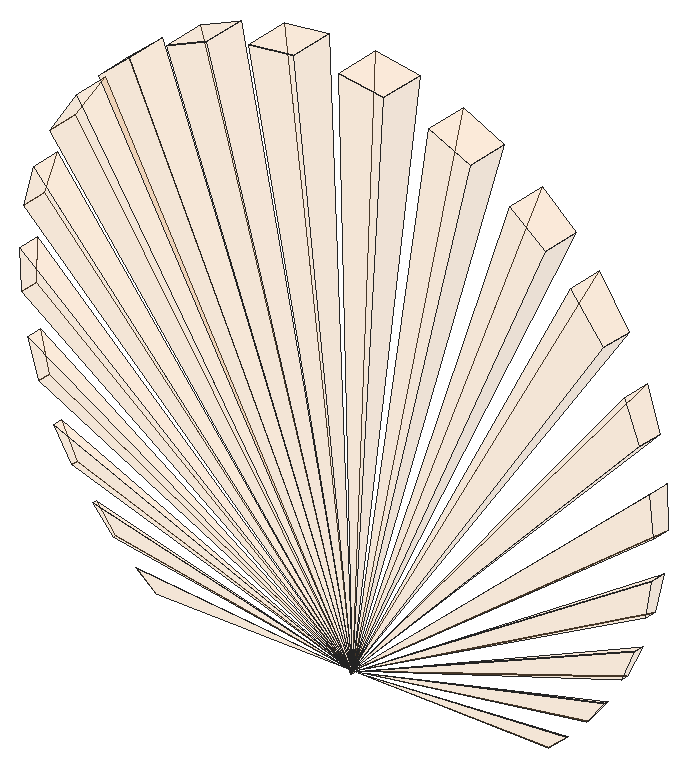
Revit family "Wall_Sensor-PIR-HCS-Switch", category Lighting Devices, host Face, Revit 2014
Parameters (values of type "LHIRS1")
  zz YesNo 2 = yes
  zz YesNo 1 = no
  zz Length 4 = 2.57"
  zz Length 3 = 1.70"
  zz Length 2 = 4.13"
  zz Length 1 = 1.72"
  Weight = 0.082 kg  # constant formula
  Wattage = 800 VA
  Warranty = "Five-year limited"  # constant formula
  Voltage = 120 V
  URL = "https://www.hubbell.com/hubbellcontrolsolutions/en/"
  Type Comments = "Lighting Device"  # constant formula
  Time Delay = "4-30 minutes, self-adapts based on occupancy; Fixed mode: 4, 8, 15, and 30 minutes;Test mode: 5 seconds"  # constant formula
  Product Page URL = "https://www.hubbell.com/hubbellcontrolsolutions/en/Products/Lighting-Controls/Lighting-Controls-Sensors/Wallbox-Switches/LightHAWK2-Passive-Infrared/p/220898"
  Product Material = Plastic - Hubbell - Light Almond
  Product Documentation Link = "https://hubbellcdn.com/specsheet/1118A_LightHAWK2_PIR.pdf"
  Power Factor = 1
  Photocell = "Natural light override range: 10-500 foot-candles"  # constant formula
  Passive Infrared = "Dual-element pyrometer and 12-element cylindrical RhinoTuff lens"  # constant formula
  PIR Motion [instance] = yes
  Operating Temperature = "32° – 104°F (0° – 40°C)\r"  # constant formula
  Operating Mode = "Single Relay, One Button"
  Number of Poles = 1
  Mounting = "Single-gang NEMA-style switch box, Decorator-style wall plate sold separately"  # constant formula
  Model = "LHIRS1"
  Manufacturer = "Hubbell Control Solutions"  # constant formula
  Load Classification = Lighting
  Frequency = 60 Hz
  Electrical Ratings = "120VAC; 277VAC; 347VAC"  # constant formula
  Description = "LightHAWK®2 Passive Infrared Wall Switch Sensor"  # constant formula
  Default Elevation = 48.00"
  Create Date = "04/03/2018"  # constant formula
  Coverage = "1,000 square-foot, 180° coverage area"  # constant formula
  Copyright = "Copyright © Hubbell Control Solutions"  # constant formula
  Contact Us = "https://www.hubbell.com/hubbellcontrolsolutions/en/contactUs?productId=220945"
  Connector Description 2 = "Controls"  # constant formula
  Connector Description 1 = "Power Supply"  # constant formula
  Certifications = "Listed UL and cUL"  # constant formula
  Assembly Code = "D5020120"
  Ambient Humidity Range = "0% to 95% Relative Humidity (non-condensing)"  # constant formula
Types (6): name | zz YesNo 2 | zz YesNo 1 | Operating Mode | Model
  LHIRS0 | no | no | "Single Relay, No Buttons" | "LHIRS0"
  LHIRS1 | yes | no | "Single Relay, One Button" | "LHIRS1"
  LHIRD0 | no | no | "Dual Relay(One Input / Two Outputs), No Buttons" | "LHIRD0"
  LHIRD2 | yes | yes | "Dual Relay(One Input / Two Outputs), Two Buttons" | "LHIRD2"
  LHDCIRD0 | no | no | "Dual Circuit(Two Inputs / Two Outputs), No Buttons" | "LHDCIRD0"
  LHDCIRD2 | yes | yes | "Dual Circuit(Two Inputs / Two Outputs), Two Buttons" | "LHDCIRD2"
Reference planes (in)
  plane 1 "Center (Front/Back)": y = 0
  plane 2: z = 0
  plane 3 "Center (Left/Right)": x = 0
  plane 4: x = -0.86
  plane 5: x = 0.86
  plane 6: y = 1.285
  plane 7: y = -1.285
  plane 8: x = 0.40844
  plane 9: x = -0.40844
  plane 10: y = 1.13865
  plane 11: y = 0.26347
  plane 12: y = -1.35
  plane 13: y = 1.35
  plane 14: z = 0.04
  plane 15: z = 0.57
  plane 16: x = 0.57326
  plane 17: x = -0.57326
  plane 18: y = -0.81751
  plane 19: y = -0.87944
  plane 20: z = -1.13
  plane 21: y = -0.45397
  plane 22: y = -0.246
  plane 23: y = -0.16212
  plane 24: y = 0.04585
  plane 25: x = 1.25
  plane 26: x = -1.25
  plane 27: y = 2
  plane 28: y = -2
  plane 29: z = 0.28666
  plane 30: x = -0.06
  plane 31: x = 0.06
Forms (in)
  Blend 1, solid, material "Plastic - Hubbell - Light Almond" <- "Product Material"
    base sketch origin (0, 0, 0) x (1, 0, 0) y (0, 1, 0)
      loop
        line (-0.86, 1.35) -> (-0.86, -1.35) -> (0.86, -1.35) -> (0.86, 1.35) -> (-0.86, 1.35)
    top sketch origin (0, 0, 0) x (1, 0, 0) y (0, 1, 0)
      loop
        line (-0.65844, 1.285) -> (-0.65844, -1.285) -> (0.65844, -1.285) -> (0.65844, 1.285) -> (-0.65844, 1.285)
    from 0 to 0.57
  Extrusion 2, void
    sketch origin (0, 0, 0) x (1, 0, 0) y (0, 1, 0)
      loop
        line (-0.06, -0.81751) -> (-0.06, -0.87944) -> (0.06, -0.87944) -> (0.06, -0.81751) -> (-0.06, -0.81751)
    from 0.04 to 0.57
  Extrusion 3, solid, material "Plastic - Hubbell - Light Almond" <- "Product Material"
    sketch origin (0, 0, 0) x (1, 0, 0) y (0, 0, 1)
      loop
        line (-0.86, 0) -> (-0.86, -1.13) -> (0.86, -1.13) -> (0.86, 0) -> (-0.86, 0)
    from -1.35 to 1.35
  Blend 4, solid, material "Plastic - Hubbell - Light Almond" <- "Product Material"
    base sketch origin (0, 0, 0) x (1, 0, 0) y (0, 1, 0)
      loop
        line (-0.75844, 1.31875) -> (-0.75844, -1.31875) -> (0.75844, -1.31875) -> (0.75844, 1.31875) -> (-0.75844, 1.31875)
    top sketch origin (0, 0, 0) x (1, 0, 0) y (0, 1, 0)
      loop
        line (-1.25, 2) -> (-1.25, -2) -> (1.25, -2) -> (1.25, 2) -> (-1.25, 2)
    from 0.28666 to 0
Cuts and joins
  Extrusion 2 cuts Blend 1
Lines and regions (in)
  model lines, style "Model"
    curve 1: line (-0.40844, 1.13865, 0.57) -> (0.40844, 1.13865, 0.57)
    curve 2: line (0.40844, 0.26347, 0.57) -> (-0.40844, 0.26347, 0.57)
    curve 3: line (0.40844, 1.13865, 0.57) -> (0.40844, 0.26347, 0.57)
    curve 65: line (-0.40844, 1.13865, 0.57) -> (-0.40844, 0.26347, 0.57)
  model lines, style "Model", visible <- "zz YesNo 1"
    curve 4: line (-0.40844, 0.04585, 0.57) -> (0.40844, 0.04585, 0.57)
    curve 5: line (0.40844, -0.16212, 0.57) -> (-0.40844, -0.16212, 0.57)
    curve 6: line (0.40844, 0.04585, 0.57) -> (0.40844, -0.16212, 0.57)
    curve 66: line (-0.40844, -0.16212, 0.57) -> (-0.40844, 0.04585, 0.57)
  symbolic lines, style "Symbolic Lines"
    curve 7: line (0.86, 1.35, 0) -> (0.40844, 1.35, 0)
    curve 8: line (0.86, -1.35, 0) -> (0.86, 1.35, 0)
    curve 9: line (-0.86, 1.35, 0) -> (-0.86, -1.35, 0)
    curve 10: line (-0.40844, 1.35, 0) -> (-0.86, 1.35, 0)
    curve 11: line (0.40844, -1.35, 0) -> (0.86, -1.35, 0)
    curve 12: line (-0.40844, -1.35, 0) -> (-0.86, -1.35, 0)
    curve 13: line (0.86, 0, -1.13) -> (0.86, 0, 0)
    curve 14: line (-0.86, 0, 0) -> (-0.86, 0, -1.13)
    curve 15: line (-0.86, 0, -1.13) -> (0.86, 0, -1.13)
    curve 16: line (0.40844, 0, 0.57) -> (-0.40844, 0, 0.57)
    curve 17: arc (0.40844, 0, 0.57) -> (0.59136, 0, 0.52027) -> (0.72393, 0, 0.38478) r 0.36131
    curve 18: line (-0.72393, 0, 0.38478) -> (-0.86, 0, 0)
    curve 19: line (0.72393, 0, 0.38478) -> (0.86, 0, 0)
    curve 20: line (0, -1.35, -1.13) -> (0, 1.35, -1.13)
    curve 21: line (0, -1.35, 0) -> (0, -1.35, -1.13)
    curve 22: line (0, 1.35, -1.13) -> (0, 1.35, 0)
    curve 23: line (0, 1.35, 0) -> (0, 1.74291, 0)
    curve 24: line (0, 1.74291, 0) -> (0, 2.07051, 0)
    curve 25: line (0, -1.61273, 0) -> (0, -1.35, 0)
    curve 26: line (0, -1.94034, 0) -> (0, -1.61273, 0)
    curve 27: line (0, 2.07051, 0) -> (0, 1.74291, 0)
    curve 28: line (0, 1.74291, 0) -> (0, 1.35, 0)
    curve 29: line (0, -1.35, 0) -> (0, -1.61273, 0)
    curve 30: line (0, -1.61273, 0) -> (0, -1.94034, 0)
    curve 31: line (0, -0.58465, 0.57) -> (0, -0.58465, 0.53036)
    curve 32: line (0, -0.58465, 0.53036) -> (0, -0.6664, 0.53036)
    curve 33: line (0, -0.6664, 0.53036) -> (0, -0.6664, 0.57)
    curve 34: line (0, -0.71099, 0.57) -> (0, -0.71099, 0.53036)
    curve 35: line (0, -0.71099, 0.53036) -> (0, -0.77292, 0.53036)
    curve 36: line (0, -0.77292, 0.53036) -> (0, -0.77292, 0.57)
    curve 37: line (0, -0.81751, 0.53036) -> (0, -0.87944, 0.53036)
    curve 38: line (0, -0.87944, 0.53036) -> (0, -0.87944, 0.57)
    curve 39: line (0, -0.91659, 0.57) -> (0, -0.91659, 0.53036)
    curve 40: line (0, -1.01816, 0.53036) -> (0, -1.08504, 0.53036)
    curve 41: line (0, -1.01816, 0.57) -> (0, -1.01816, 0.53036)
    curve 42: line (0, -1.08504, 0.53036) -> (0, -1.08504, 0.57)
    curve 43: line (0, -0.58465, 0.57) -> (0, 1.285, 0.57)
    curve 44: line (0, -1.285, 0.57) -> (0, -1.08504, 0.57)
    curve 45: line (0, -1.01816, 0.57) -> (0, -0.981, 0.57)
    curve 46: line (0, -0.91659, 0.57) -> (0, -0.87944, 0.57)
    curve 47: line (0, -0.81751, 0.57) -> (0, -0.77292, 0.57)
    curve 48: line (0, -0.71099, 0.57) -> (0, -0.6664, 0.57)
    curve 49: line (0, 1.285, 0.57) -> (0, 1.35, 0)
    curve 50: line (0, -1.285, 0.57) -> (0, -1.35, 0)
    curve 54: line (-0.86, 1.35, 0) -> (0.86, 1.35, 0)
    curve 55: line (-0.86, -1.35, 0) -> (-0.86, 1.35, 0)
    curve 56: line (0.86, -1.35, 0) -> (-0.86, -1.35, 0)
    curve 57: line (0.86, 1.35, 0) -> (0.86, -1.35, 0)
    curve 64: arc (-0.40844, 0, 0.57) -> (-0.59136, 0, 0.52027) -> (-0.72393, 0, 0.38478) r 0.36131
    curve 71: line (-1.25, 2, 0) -> (1.25, 2, 0)
    curve 72: line (-1.25, -2, 0) -> (-1.25, 2, 0)
    curve 73: line (1.25, -2, 0) -> (-1.25, -2, 0)
    curve 74: line (1.25, 2, 0) -> (1.25, -2, 0)
  model lines, style "Model", visible <- "zz YesNo 2"
    curve 51: line (-0.40844, -0.246, 0.57) -> (0.40844, -0.246, 0.57)
    curve 52: line (0.40844, -0.45397, 0.57) -> (-0.40844, -0.45397, 0.57)
    curve 53: line (0.40844, -0.246, 0.57) -> (0.40844, -0.45397, 0.57)
    curve 67: line (-0.40844, -0.246, 0.57) -> (-0.40844, -0.45397, 0.57)
  reference lines
    curve 58: line (-0.73803, 0, 0.57) -> (-0.73803, 0, 0.36887)
    curve 59: line (-0.73803, 0, 0.57) -> (-0.40844, 0, 0.57)
    curve 60: arc (-0.73803, 0, 0.36887) -> (-0.60149, 0, 0.51575) -> (-0.40844, 0, 0.57) r 0.37062
    curve 61: line (0.73803, 0, 0.57) -> (0.73803, 0, 0.36887)
    curve 62: line (0.73803, 0, 0.57) -> (0.40844, 0, 0.57)
    curve 63: arc (0.73803, 0, 0.36887) -> (0.60149, 0, 0.51575) -> (0.40844, 0, 0.57) r 0.37062
  symbolic lines
    curve 68: line (0, -0.91659, 0.53036) -> (0, -0.981, 0.53036)
    curve 69: line (0, -0.981, 0.53036) -> (0, -0.981, 0.57)
    curve 70: line (0, -0.81751, 0.53036) -> (0, -0.81751, 0.57)
    curve 79: line (1.25, 0, 0) -> (-1.25, 0, 0)
    curve 80: line (-1.25, 0, 0) -> (-0.75868, 0, 0.28651)
    curve 81: line (1.25, 0, 0) -> (0.75868, 0, 0.28651)
  symbolic lines, style "Symbolic Lines", detail levels fine
    curve 75: line (-0.86, 1.35, 0) -> (-1.25, 2, 0)
    curve 76: line (0.86, 1.35, 0) -> (1.25, 2, 0)
    curve 77: line (-0.86, -1.35, 0) -> (-1.25, -2, 0)
    curve 78: line (0.86, -1.35, 0) -> (1.25, -2, 0)
Dimensions and locks (in)
  "zz Length 1": plane 4 to plane 5
  equal spacing: plane 6, plane 1 "Center (Front/Back)", plane 7
  "zz Length 4": plane 6 to plane 7
  locked: plane 14 to level at 0.04
  locked: plane 15 to plane 14 at 0.53
  "zz Length 3": plane 15 to plane 20
  equal spacing: plane 4, plane 3 "Center (Left/Right)", plane 5
  plane 17 to plane 9 to plane 3 "Center (Left/Right)" to plane 8 to plane 16 = 0.16482" locked, 0.40844" locked, 0.40844" locked, 0.16482" locked
  locked: plane 18 to plane 19 at 0.06193
  plane 1 "Center (Front/Back)" to plane 11 to plane 10 to plane 6 to plane 13 = 0.26347", 0.87519", 0.14635", 0.065"
  plane 24 to plane 23 to plane 22 to plane 21 = 0.20797" locked, 0.08388" locked, 0.20797" locked
  plane 13 to plane 1 "Center (Front/Back)" to plane 12 = 1.35" locked, 1.35" locked
  equal spacing: plane 26, plane 3 "Center (Left/Right)", plane 25, locked at 1.25 each
  equal spacing: plane 27, plane 1 "Center (Front/Back)", plane 28, locked at 2 each
  locked: plane 29 to plane 2 at 0.28666
  locked: plane 30 to plane 31 at 0.12
  aligned and locked: plane 2 to host face
  aligned and locked: level to host face
  aligned and locked: Blend 1 sketch curve to plane 6
  aligned and locked: Blend 1 sketch curve to plane 7
  aligned and locked: plane 15 to Blend 1
  aligned and locked: curve 1 to plane 10
  aligned and locked: plane 11 to curve 2
  aligned and locked: plane 8 to curve 6
  aligned and locked: Extrusion 2 sketch curve to plane 18
  aligned and locked: plane 19 to Extrusion 2 sketch curve
  aligned and locked: plane 8 to curve 3
  aligned and locked: plane 20 to Extrusion 3 sketch curve
  aligned and locked: plane 5 to Extrusion 3 sketch curve
  aligned and locked: plane 13 to Extrusion 3
  aligned and locked: plane 12 to Extrusion 3
  aligned and locked: nested 1 to plane 1 "Center (Front/Back)"
  aligned and locked: plane 3 "Center (Left/Right)" to nested 1
  aligned and locked: plane 5 to Blend 1 sketch curve
  aligned and locked: Blend 1 sketch curve to plane 12
  aligned and locked: plane 4 to Blend 1 sketch curve
  aligned and locked: Blend 1 sketch curve to plane 13
  aligned and locked: Extrusion 3 to plane 4
  aligned and locked: Extrusion 3 to plane 20
  aligned and locked: Extrusion 3 to plane 5
  aligned and locked: host face to Extrusion 3
  aligned and locked: plane 12 to curve 11
  aligned and locked: curve 12 to plane 12
  aligned and locked: cut or joined group of Blend 1, Extrusion 2 to curve 18
  aligned and locked: curve 19 to cut or joined group of Blend 1, Extrusion 2
  aligned and locked: plane 15 to curve 43
  aligned and locked: curve 44 to cut or joined group of Blend 1, Extrusion 2
  aligned and locked: curve 46 to plane 15
  aligned and locked: curve 47 to plane 15
  aligned and locked: curve 48 to plane 15
  aligned and locked: plane 15 to curve 45
  aligned and locked: curve 49 to cut or joined group of Blend 1, Extrusion 2
  aligned and locked: cut or joined group of Blend 1, Extrusion 2 to curve 50
  aligned and locked: Blend 1 to level
  aligned and locked: plane 21 to curve 52
  aligned and locked: plane 22 to curve 51
  aligned and locked: plane 23 to curve 5
  aligned and locked: plane 24 to curve 4
  aligned and locked: plane 5 to curve 57
  aligned and locked: curve 54 to plane 13
  aligned and locked: curve 56 to plane 12
  aligned and locked: plane 4 to curve 55
  aligned and locked: curve 65 to plane 9
  aligned and locked: plane 9 to curve 66
  aligned and locked: curve 67 to plane 9
  aligned and locked: plane 8 to curve 53
  aligned and locked: curve 13 to plane 5
  aligned and locked: curve 70 to plane 18
  aligned and locked: curve 38 to plane 19
  aligned and locked: curve 22 to plane 13
  aligned and locked: plane 20 to curve 20
  aligned and locked: curve 21 to plane 12
  aligned and locked: plane 29 to Blend 4
  aligned and locked: Blend 4 to plane 2
  aligned and locked: plane 26 to Blend 4 sketch curve
  aligned and locked: Blend 4 sketch curve to plane 27
  aligned and locked: plane 25 to Blend 4 sketch curve
  aligned and locked: Blend 4 sketch curve to plane 28
  aligned and locked: curve 71 to Blend 4
  aligned and locked: curve 72 to Blend 4
  aligned and locked: curve 73 to Blend 4
  aligned and locked: curve 74 to Blend 4
  aligned and locked: cut or joined group of Blend 1, Extrusion 2 to plane 30
  aligned and locked: cut or joined group of Blend 1, Extrusion 2 to plane 31
Automatic sketch dimensions
  host sketch curve to host sketch curve = 96.00"  (x2)
  Extrusion 3 sketch curve to plane 4 = 0.00"
  Extrusion 3 sketch curve to level = 0.00"
  curve 59 to plane 15 = 0.00"
  curve 60 to plane 9 = 0.00"
  curve 59 to plane 9 = 0.00"
  plane 8 to curve 63 = 0.00"
  plane 8 to curve 62 = 0.00"
  curve 61 to plane 15 = 0.00"
  curve 60 to plane 15 = 0.00"
  curve 63 to plane 15 = 0.00"
  plane 4 to curve 58 = 0.12197"
  plane 5 to curve 61 = 0.12197"
  curve 60 to curve 58 = 0.20113"
  curve 61 to curve 61 = 0.20113"
  curve 29 to curve 21 = 0.26273"
  curve 26 to curve 25 = 0.32761"
  curve 30 to curve 26 = 0.00"
  plane 13 to curve 28 = 0.39291"
  curve 23 to curve 27 = 0.32761"
  curve 24 to curve 27 = 0.00"
  curve 32 to plane 15 = 0.03964"
  curve 69 to plane 15 = 0.03964"
  curve 34 to plane 15 = 0.03964"
  curve 37 to plane 15 = 0.03964"
  curve 40 to curve 68 = 0.00"
  Blend 1 sketch curve to plane 16 = 0.08518"
  Blend 1 sketch curve to plane 17 = 0.08518"
  Blend 4 sketch curve to plane 12 = 0.03125"
  plane 4 to Blend 4 sketch curve = 0.10156"
  plane 5 to Blend 4 sketch curve = 0.10156"
  Blend 4 sketch curve to plane 13 = 0.03125"
  curve 7 to plane 8 = 0.00"
  curve 11 to plane 8 = 0.00"
  curve 79 to level = 0.00"
  curve 79 to plane 26 = 0.00"
  curve 14 to plane 4 = 0.00"
  curve 64 to plane 9 = 0.00"
  plane 8 to curve 17 = 0.00"
  plane 25 to curve 81 = 0.00"
  curve 15 to plane 20 = 0.00"
  curve 64 to plane 15 = 0.00"
  plane 4 to curve 18 = 0.13607"
  plane 5 to curve 19 = 0.13607"
  curve 80 to plane 29 = 0.00014"
  curve 81 to plane 29 = 0.00014"
  Extrusion 2 sketch curve to plane 3 "Center (Left/Right)" = 0.06"
  plane 3 "Center (Left/Right)" to Extrusion 2 sketch curve = 0.06"
  curve 34 to curve 33 = 0.04459"
  curve 33 to curve 31 = 0.08175"
  curve 37 to curve 36 = 0.04459"
  curve 36 to curve 34 = 0.06193"
  curve 42 to plane 7 = 0.19996"
  curve 40 to curve 41 = 0.06688"
  curve 41 to curve 45 = 0.03716"
  curve 39 to plane 19 = 0.03716"
  curve 10 to plane 9 = 0.00"
  curve 12 to plane 9 = 0.00"
Nested families (in)
  nested 1: "Field of View-Dual" at (0, 0, 0), type "Field of View-Dual"
    with PIR Motion yes
Connectors (in)
  electrical at (0, 0, 0), driven by "Connector Description 2"
    settings: on Extrusion 3, index 2, voltage 0 V, apparent load 0 VA, apparent load phase1 0 VA, apparent load phase2 0 VA, apparent load phase3 0 VA, power factor 1, load classification "Other", number of poles 1, system type 13, power factor state 1, is connector primary yes, connector utility no, sub classification motor no, connector description "Controls"
  electrical at (0, 0, -1.13), driven by "Voltage", driven by "Wattage", driven by "Power Factor", driven by "Load Classification", driven by "Connector Description 1", driven by "Number of Poles"
    settings: on Extrusion 3, index 3, voltage 120 V, apparent load 800 VA, apparent load phase1 0 VA, apparent load phase2 0 VA, apparent load phase3 0 VA, power factor 1, load classification "Lighting", number of poles 1, system type 30, power factor state 1, is connector primary no, connector utility no, sub classification motor no, connector description "Power Supply"
Definition of nested family "Field of View-Dual"
  Parameters (values of type "Field of View-Dual")
    PIR Motion = no
  Reference planes (in)
    plane 1 "Center (Front/Back)": y = 0
    plane 2: z = 0
    plane 3 "Center (Left/Right)": x = 0
    plane 4: z = 600
    plane 5: x = 336
    plane 6: x = -336
    plane 7: y = -48
    plane 8: z = 240
    plane 9: x = -144
    plane 10: x = 144
  Forms (in)
    Extrusion 1, solid, material "PIR View", visible <- "PIR Motion"
      sketch origin (0, 0, 0) x (1, 0, 0) y (0, 0, 1)
        loop
          arc (-0.855, 0) -> (-0.85431, 0.03443) -> (-0.85223, 0.0688) r 0.855
          line (-0.85223, 0.0688) -> (-229.48381, 18.52585)
          arc (-229.48381, 18.52585) -> (-218.89257, 9.03458) -> (-207.90916, 0) r 336
          line (-207.90916, 0) -> (-0.855, 0)
        loop
          arc (-0.84393, 0.13715) -> (-0.83772, 0.17102) -> (-0.83016, 0.20461) r 0.855
          line (-0.83016, 0.20461) -> (-272.311, 67.11863)
          arc (-272.311, 67.11863) -> (-262.09605, 53.70843) -> (-251.22137, 40.82745) r 336
          line (-251.22137, 40.82745) -> (-0.84393, 0.13715)
        loop
          arc (-0.811, 0.27075) -> (-0.79944, 0.30319) -> (-0.78658, 0.33513) r 0.855
          line (-0.78658, 0.33513) -> (-308.82637, 131.57862)
          arc (-308.82637, 131.57862) -> (-300.81456, 114.262) -> (-291.83272, 97.42808) r 336
          line (-291.83272, 97.42808) -> (-0.811, 0.27075)
        loop
          arc (-0.75706, 0.39734) -> (-0.74045, 0.4275) -> (-0.72264, 0.45697) r 0.855
          line (-0.72264, 0.45697) -> (-331.58886, 209.68409)
          arc (-331.58886, 209.68409) -> (-327.60082, 189.29312) -> (-322.36009, 169.18763) r 336
          line (-322.36009, 169.18763) -> (-0.75706, 0.39734)
        loop
          arc (-0.68352, 0.51363) -> (-0.66229, 0.54074) -> (-0.63998, 0.56697) r 0.855
          line (-0.63998, 0.56697) -> (-334.44022, 296.28818)
          arc (-334.44022, 296.28818) -> (-335.83949, 274.33472) -> (-335.79923, 252.33675) r 336
          line (-335.79923, 252.33675) -> (-0.68352, 0.51363)
        loop
          arc (-0.59228, 0.61663) -> (-0.56697, 0.63998) -> (-0.54074, 0.66229) r 0.855
          line (-0.54074, 0.66229) -> (-313.7274, 384.24631)
          arc (-313.7274, 384.24631) -> (-321.17747, 362.64701) -> (-327.14241, 340.59133) r 336
          line (-327.14241, 340.59133) -> (-0.59228, 0.61663)
        loop
          arc (-0.4857, 0.70365) -> (-0.45697, 0.72264) -> (-0.4275, 0.74045) r 0.855
          line (-0.4275, 0.74045) -> (-262.55102, 473.6238)
          arc (-262.55102, 473.6238) -> (-279.38682, 450.60243) -> (-294.20961, 426.23621) r 336
          line (-294.20961, 426.23621) -> (-0.4857, 0.70365)
        loop
          arc (-0.36653, 0.77245) -> (-0.33513, 0.78658) -> (-0.30319, 0.79944) r 0.855
          line (-0.30319, 0.79944) -> (-201.94678, 532.4899)
          arc (-201.94678, 532.4899) -> (-220.45456, 517.51648) -> (-237.85564, 501.27015) r 336
          line (-237.85564, 501.27015) -> (-0.36653, 0.77245)
        loop
          arc (-0.23788, 0.82124) -> (-0.20461, 0.83016) -> (-0.17102, 0.83772) r 0.855
          line (-0.17102, 0.83772) -> (-118.10358, 578.50962)
          arc (-118.10358, 578.50962) -> (-140.28939, 569.26147) -> (-161.75728, 558.4509) r 336
          line (-161.75728, 558.4509) -> (-0.23788, 0.82124)
        loop
          arc (-0.10306, 0.84877) -> (-0.0688, 0.85223) -> (-0.03443, 0.85431) r 0.855
          line (-0.03443, 0.85431) -> (-24.14217, 599.08189)
          arc (-24.14217, 599.08189) -> (-48.14643, 596.48292) -> (-71.90208, 592.16687) r 336
          line (-71.90208, 592.16687) -> (-0.10306, 0.84877)
        loop
          line (0.23788, 0.82124) -> (161.75728, 558.4509)
          arc (161.75728, 558.4509) -> (140.28939, 569.26147) -> (118.10358, 578.50962) r 336
          line (118.10358, 578.50962) -> (0.17102, 0.83772)
          arc (0.17102, 0.83772) -> (0.20461, 0.83016) -> (0.23788, 0.82124) r 0.855
        loop
          line (0.10306, 0.84877) -> (71.90208, 592.16687)
          arc (71.90208, 592.16687) -> (48.14643, 596.48292) -> (24.14217, 599.08189) r 336
          line (24.14217, 599.08189) -> (0.03443, 0.85431)
          arc (0.03443, 0.85431) -> (0.0688, 0.85223) -> (0.10306, 0.84877) r 0.855
        loop
          line (0.855, 0) -> (207.90916, 0)
          arc (207.90916, 0) -> (218.89257, 9.03458) -> (229.48381, 18.52585) r 336
          line (229.48381, 18.52585) -> (0.85223, 0.0688)
          arc (0.85223, 0.0688) -> (0.85431, 0.03443) -> (0.855, 0) r 0.855
        loop
          line (0.84393, 0.13715) -> (251.22137, 40.82745)
          arc (251.22137, 40.82745) -> (262.09605, 53.70843) -> (272.311, 67.11863) r 336
          line (272.311, 67.11863) -> (0.83016, 0.20461)
          arc (0.83016, 0.20461) -> (0.83772, 0.17102) -> (0.84393, 0.13715) r 0.855
        loop
          line (0.811, 0.27075) -> (291.83272, 97.42808)
          arc (291.83272, 97.42808) -> (300.81456, 114.262) -> (308.82637, 131.57862) r 336
          line (308.82637, 131.57862) -> (0.78658, 0.33513)
          arc (0.78658, 0.33513) -> (0.79944, 0.30319) -> (0.811, 0.27075) r 0.855
        loop
          line (0.75706, 0.39734) -> (322.36009, 169.18763)
          arc (322.36009, 169.18763) -> (327.60082, 189.29312) -> (331.58886, 209.68409) r 336
          line (331.58886, 209.68409) -> (0.72264, 0.45697)
          arc (0.72264, 0.45697) -> (0.74045, 0.4275) -> (0.75706, 0.39734) r 0.855
        loop
          line (0.68352, 0.51363) -> (335.79923, 252.33675)
          arc (335.79923, 252.33675) -> (335.83949, 274.33472) -> (334.44022, 296.28818) r 336
          line (334.44022, 296.28818) -> (0.63998, 0.56697)
          arc (0.63998, 0.56697) -> (0.66229, 0.54074) -> (0.68352, 0.51363) r 0.855
        loop
          line (0.59228, 0.61663) -> (327.14241, 340.59133)
          arc (327.14241, 340.59133) -> (321.17747, 362.64701) -> (313.7274, 384.24631) r 336
          line (313.7274, 384.24631) -> (0.54074, 0.66229)
          arc (0.54074, 0.66229) -> (0.56697, 0.63998) -> (0.59228, 0.61663) r 0.855
        loop
          line (0.4857, 0.70365) -> (294.20961, 426.23621)
          arc (294.20961, 426.23621) -> (279.38682, 450.60243) -> (262.55102, 473.6238) r 336
          line (262.55102, 473.6238) -> (0.4275, 0.74045)
          arc (0.4275, 0.74045) -> (0.45697, 0.72264) -> (0.4857, 0.70365) r 0.855
        loop
          line (0.36653, 0.77245) -> (237.85564, 501.27015)
          arc (237.85564, 501.27015) -> (220.45456, 517.51648) -> (201.94678, 532.4899) r 336
          line (201.94678, 532.4899) -> (0.30319, 0.79944)
          arc (0.30319, 0.79944) -> (0.33513, 0.78658) -> (0.36653, 0.77245) r 0.855
      from -0.5 to 48.048
    Extrusion 2, void
      sketch origin (0, 0, 0) x (0, 1, 0) y (0, 0, 1)
        loop
          line (-48.048, 0) -> (0.46846, 0) -> (-48.048, 600) -> (-48.048, 0)
      from -411.56279 to 424.17576
  Cuts and joins
    Extrusion 2 cuts Extrusion 1
  Dimensions and locks (in)
    plane 5 to plane 3 "Center (Left/Right)" to plane 6 = 336.00", 336.00"
    plane 1 "Center (Front/Back)" to plane 7 = 48.00"
    plane 8 to cut or joined group of Extrusion 1, Extrusion 2 = 240.00"
    plane 10 to plane 3 "Center (Left/Right)" to plane 9 = 144.00", 144.00"
    plane 4 to cut or joined group of Extrusion 1, Extrusion 2 = 600.00"
    aligned and locked: plane 2 to level
